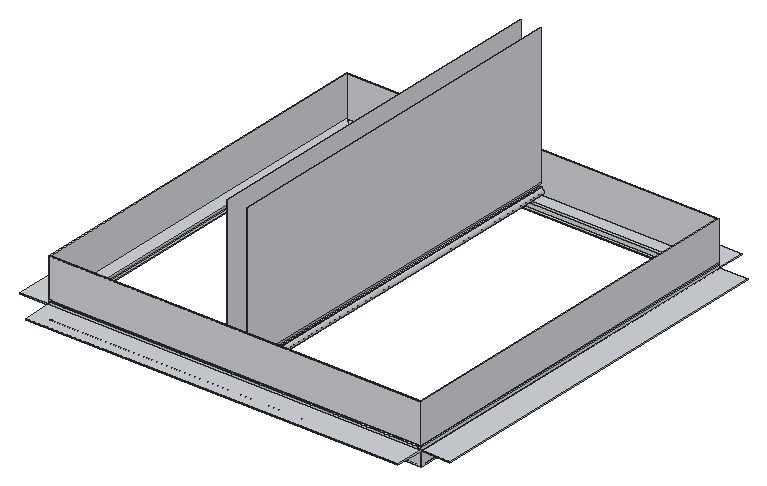
Revit family "C-SR-WTP, C-SR-WTPS", category Mechanical Equipment, Revit 2015
Parameters
  URL = "http://unitedenertech.com/catalog/pdf/P_93f%20C-SR-WTP(S).pdf"
  Type Comments = "Max. Size is (22\"w x 20\"l for Butterfly Style) (9\"w x 18\"l for Single Blade Style)"
  Track Length [instance] = Exact Length - 0' 0 3/16"  # 1' - 3 13/16"
  Model = "C-SR-WTP, C-SR-WTPS"
  Manufacturer = "United Enertech Corporation"
  Keynote = "Buttefly Style (C-SR-WTP) Shown, Consult Factory for Single Blade Style Model (C-SR-WTPS)"
  Exact Width = 1' - 4"
  Exact Length = 1' - 4"
  Description = "Ceiling Radiation Damper for Wood Truss Systems (Field Supplied Plenum)"
  Blade Height [instance] = Exact Width / 2 - 0' 0 3/4"  # 0' - 7 1/4"
Reference planes (in)
  plane 1 "Center (Front/Back)": y = 0
  plane 2: z = 0
  plane 3 "Center (Left/Right)": x = 0
  plane 4: x = -8
  plane 5: x = 8
  plane 6: y = -8
  plane 7: y = 8
  plane 8: z = 7.25
  plane 9: z = 0.82115
  plane 10: y = -7.875
  plane 11: y = 7.875
Forms (in)
  Extrusion 1, solid
    sketch origin (-3.22557, 0, -2.40103) x (1, 0, 0) y (0, 0, 1)
      loop
        line (3.67769, 3.31415) -> (3.67769, 3.45261) -> (3.64253, 3.45261) -> (3.64253, 3.31415)
        arc (3.64253, 3.31415) -> (3.63351, 3.28115) -> (3.60896, 3.25734) r 0.06484
        line (3.60896, 3.25734) -> (3.49684, 3.25734)
        arc (3.49684, 3.25734) -> (3.38487, 3.43989) -> (3.54769, 3.57899) r 0.16484
        arc (3.54769, 3.57899) -> (3.64326, 3.61858) -> (3.68285, 3.71415) r 0.13516
        line (3.68285, 3.71415) -> (3.68285, 9.65103) -> (3.64769, 9.65103) -> (3.64769, 3.71415)
        arc (3.64769, 3.71415) -> (3.6184, 3.64343) -> (3.54769, 3.61415) r 0.1
        arc (3.54769, 3.61415) -> (3.34971, 3.4425) -> (3.49156, 3.22218) r 0.2
        line (3.49156, 3.22218) -> (3.61697, 3.22218)
        arc (3.61697, 3.22218) -> (3.66114, 3.25905) -> (3.67769, 3.31415) r 0.1
    from -7.875 to 7.875
  Extrusion 2, solid
    sketch origin (3.22557, 0, -2.40103) x (-1, 0, 0) y (0, 0, -1)
      loop
        arc (3.67769, -3.31415) -> (3.66114, -3.25905) -> (3.61697, -3.22218) r 0.1
        line (3.61697, -3.22218) -> (3.49156, -3.22218)
        arc (3.49156, -3.22218) -> (3.34971, -3.4425) -> (3.54769, -3.61415) r 0.2
        arc (3.54769, -3.61415) -> (3.6184, -3.64343) -> (3.64769, -3.71415) r 0.1
        line (3.64769, -3.71415) -> (3.64769, -9.65103) -> (3.68285, -9.65103) -> (3.68285, -3.71415)
        arc (3.68285, -3.71415) -> (3.64326, -3.61858) -> (3.54769, -3.57899) r 0.13516
        arc (3.54769, -3.57899) -> (3.38487, -3.43989) -> (3.49684, -3.25734) r 0.16484
        line (3.49684, -3.25734) -> (3.60896, -3.25734)
        arc (3.60896, -3.25734) -> (3.63351, -3.28115) -> (3.64253, -3.31415) r 0.06484
        line (3.64253, -3.31415) -> (3.64253, -3.45261) -> (3.67769, -3.45261) -> (3.67769, -3.31415)
    from -7.875 to 7.875
  Extrusion 3, solid
    sketch origin (5.75, 0, 0) x (1, 0, 0) y (0, 0, 1)
      loop
        line (-13.75, 0) -> (-13.75, 0.625) -> (-15, 0.625) -> (-15, 0.5891) -> (-13.7859, 0.5891) -> (-13.7859, 0) -> (-13.75, 0)
    from -8 to 8
  Extrusion 4, solid
    sketch origin (-9.75, 0, 0) x (-1, 0, 0) y (0, 0, -1)
      loop
        line (-17.75, 0) -> (-17.7859, 0) -> (-17.7859, -0.5891) -> (-19, -0.5891) -> (-19, -0.625) -> (-17.75, -0.625) -> (-17.75, 0)
    from -8 to 8
  Extrusion 5, solid
    sketch origin (0, -6.09489, 0) x (0, 1, 0) y (0, 0, 1)
      loop
        line (14.09489, 0) -> (14.13079, 0) -> (14.13079, 0.5891) -> (15.34489, 0.5891) -> (15.34489, 0.625) -> (14.09489, 0.625) -> (14.09489, 0)
    from -8 to 8
  Extrusion 6, solid
    sketch origin (0, 6.09489, 0) x (0, -1, 0) y (0, 0, -1)
      loop
        line (14.09489, 0) -> (14.09489, -0.625) -> (15.34489, -0.625) -> (15.34489, -0.5891) -> (14.13079, -0.5891) -> (14.13079, 0) -> (14.09489, 0)
    from -8 to 8
Dimensions and locks (in)
  equal spacing: plane 4, plane 3 "Center (Left/Right)", plane 5
  "Exact Width": plane 4 to plane 5
  equal spacing: plane 7, plane 1 "Center (Front/Back)", plane 6
  "Exact Length": plane 7 to plane 6
  "Blade Height": plane 8 to level
  locked: plane 9 to level at 0.82115
  locked: plane 10 to plane 6 at 0.125
  locked: plane 11 to plane 7 at 0.125
  aligned and locked: level to plane 2
  aligned and locked: plane 3 "Center (Left/Right)" to nested 1
  aligned and locked: plane 7 to nested 1
  aligned and locked: plane 6 to nested 2
  aligned and locked: plane 1 "Center (Front/Back)" to nested 3
  aligned and locked: nested 4 to plane 4
  aligned and locked: plane 5 to nested 3
  aligned and locked: plane 1 "Center (Front/Back)" to nested 5
  aligned and locked: Extrusion 1 sketch curve to plane 9
  aligned and locked: Extrusion 1 sketch curve to plane 8
  aligned and locked: Extrusion 1 to plane 10
  aligned and locked: Extrusion 1 to plane 11
  aligned and locked: Extrusion 2 to plane 11
  aligned and locked: Extrusion 2 to plane 10
  aligned and locked: Extrusion 4 to plane 5
  aligned and locked: plane 7 to Extrusion 4
  aligned and locked: plane 7 to Extrusion 3
  aligned and locked: Extrusion 4 to plane 6
  aligned and locked: Extrusion 3 to plane 6
  aligned and locked: plane 6 to Extrusion 6
  aligned and locked: plane 4 to Extrusion 6
  aligned and locked: plane 4 to Extrusion 5
  aligned and locked: plane 5 to Extrusion 5
  aligned and locked: plane 5 to Extrusion 6
Automatic sketch dimensions
  Extrusion 1 sketch curve to Extrusion 1 sketch curve = 0' - 0"  (x6)
  plane 3 "Center (Left/Right)" to Extrusion 1 sketch curve = 0' - 0.26599"
  Extrusion 1 sketch curve to Extrusion 1 sketch curve = 0' - 0.00528"
  Extrusion 1 sketch curve to Extrusion 1 sketch curve = 0' - 0.05085"
  Extrusion 1 sketch curve to Extrusion 1 sketch curve = 0' - 0.08085"
  plane 9 to Extrusion 1 sketch curve = 0' - 0 9/256"
  Extrusion 1 sketch curve to Extrusion 1 sketch curve = 0' - 0.03127"
  Extrusion 1 sketch curve to Extrusion 1 sketch curve = 0' - 0.00801"
  Extrusion 1 sketch curve to Extrusion 1 sketch curve = 0' - 0.09484"
  plane 3 "Center (Left/Right)" to Extrusion 1 sketch curve = 0' - 0.42212"
  Extrusion 1 sketch curve to Extrusion 1 sketch curve = 0' - 0 9/256"
  Extrusion 1 sketch curve to Extrusion 1 sketch curve = 0' - 0.1"  (x2)
  Extrusion 1 sketch curve to Extrusion 1 sketch curve = 0' - 0.03847"
  Extrusion 2 sketch curve to Extrusion 2 sketch curve = 0' - 0"  (x6)
  Extrusion 2 sketch curve to plane 9 = 0' - 0"
  Extrusion 2 sketch curve to plane 8 = 0' - 0"
  plane 3 "Center (Left/Right)" to Extrusion 2 sketch curve = 0' - 0.26599"
  Extrusion 2 sketch curve to Extrusion 2 sketch curve = 0' - 0.00528"
  Extrusion 2 sketch curve to Extrusion 2 sketch curve = 0' - 0.05085"
  Extrusion 2 sketch curve to Extrusion 2 sketch curve = 0' - 0.08085"
  Extrusion 2 sketch curve to plane 9 = 0' - 0 9/256"
  Extrusion 2 sketch curve to Extrusion 2 sketch curve = 0' - 0.03127"
  Extrusion 2 sketch curve to Extrusion 2 sketch curve = 0' - 0.00801"
  Extrusion 2 sketch curve to Extrusion 2 sketch curve = 0' - 0.09484"
  plane 3 "Center (Left/Right)" to Extrusion 2 sketch curve = 0' - 0.42212"
  Extrusion 2 sketch curve to Extrusion 2 sketch curve = 0' - 0 9/256"
  Extrusion 2 sketch curve to Extrusion 2 sketch curve = 0' - 0.1"  (x2)
  Extrusion 2 sketch curve to Extrusion 2 sketch curve = 0' - 0.03847"
  Extrusion 3 sketch curve to level = 0' - 0"
  plane 4 to Extrusion 3 sketch curve = 0' - 0"
  plane 4 to Extrusion 3 sketch curve = 0' - 0.0359"
  Extrusion 3 sketch curve to plane 9 = 0' - 0.19615"
  Extrusion 3 sketch curve to Extrusion 3 sketch curve = 0' - 1.2141"
  Extrusion 3 sketch curve to Extrusion 3 sketch curve = 0' - 0.0359"
  Extrusion 4 sketch curve to level = 0' - 0"
  Extrusion 4 sketch curve to plane 5 = 0' - 0"
  Extrusion 4 sketch curve to plane 5 = 0' - 0.0359"
  plane 9 to Extrusion 4 sketch curve = 0' - 0.19615"
  Extrusion 4 sketch curve to Extrusion 4 sketch curve = 0' - 1.2141"
  Extrusion 4 sketch curve to Extrusion 4 sketch curve = 0' - 0.0359"
  Extrusion 5 sketch curve to level = 0' - 0"
  Extrusion 5 sketch curve to plane 9 = 0' - 0.19615"
  plane 7 to Extrusion 5 sketch curve = 0' - 0"
  Extrusion 5 sketch curve to Extrusion 5 sketch curve = 0' - 0.0359"  (x2)
  Extrusion 5 sketch curve to Extrusion 5 sketch curve = 0' - 1.2141"
  Extrusion 6 sketch curve to level = 0' - 0"
  plane 9 to Extrusion 6 sketch curve = 0' - 0.19615"
  plane 7 to Extrusion 6 sketch curve = 1' - 4"
  Extrusion 6 sketch curve to Extrusion 6 sketch curve = 0' - 0.0359"  (x2)
  Extrusion 6 sketch curve to Extrusion 6 sketch curve = 0' - 1.2141"
Nested families (in)
  nested 1: "C-SR FRAME 1" at (0, 5.96484, -0.25013), type "C-SR FRAME 1"
    with Frame Length 1' - 4"
  nested 2: "C-SR FRAME 1" at (0, -5.96484, -0.25013), type "C-SR FRAME 1"
    with Frame Length 1' - 4"
  nested 3: "C-SR FRAME" at (5.96484, 0, -0.25013) x (0, -1, 0) z (0, 0, 1), type "C-SR FRAME"
    with Frame Length 1' - 4"
  nested 4: "C-SR FRAME" at (-5.96484, 0, -0.24845) x (0, -1, 0) z (0, 0, 1), type "C-SR FRAME"
    with Frame Length 1' - 4"
  nested 5: "CRD Track" at (1.0397, 0, 0.79202) x (0, -1, 0) z (0, 0, 1), type "CRD Track"
    with Track Length 1' - 3 13/16"
Definition of nested family "C-SR FRAME 1"
  Parameters (values of type "C-SR FRAME 1")
    Frame Length = 2' - 0"
  Reference planes (in)
    plane 1 "Center (Front/Back)": y = 0
    plane 2: z = 0
    plane 3 "Center (Left/Right)": x = 0
    plane 4: x = -12
    plane 5: x = 12
  Forms (in)
    Extrusion 1, solid
      sketch origin (0, 3.63966, -0.3957) x (0, 1, 0) y (0, 0, 1)
        loop
          line (-1.6045, 1.44089) -> (-1.6045, 3.1457) -> (-1.63966, 3.1457) -> (-1.63966, 1.43053) -> (-2.19698, 1.43786)
          arc (-2.19698, 1.43786) -> (-2.23913, 1.3957) -> (-2.19698, 1.35355) r 0.04215
          line (-2.19698, 1.35355) -> (-1.63966, 1.36048) -> (-1.63966, 0.75024) -> (-1.66408, 0.77073) -> (-1.67798, 0.6889)
          arc (-1.67798, 0.6889) -> (-1.64461, 0.64584) -> (-1.6045, 0.6827) r 0.037
          line (-1.6045, 0.6827) -> (-1.6045, 1.35051)
          arc (-1.6045, 1.35051) -> (-1.61782, 1.38247) -> (-1.64988, 1.39551) r 0.045
          arc (-1.64988, 1.39551) -> (-1.61779, 1.4088) -> (-1.6045, 1.44089) r 0.04538
      from -12 to 12
    Extrusion 2, void
      sketch origin (0, 0, 0) x (1, 0, 0) y (0, 1, 0)
        loop
          line (-12, 2.03516) -> (-12, 0) -> (-9.96484, 0) -> (-12, 2.03516)
      from 0 to 12
    Extrusion 3, void
      sketch origin (0, 0, 0) x (-1, 0, 0) y (0, -1, 0)
        loop
          line (-12, -2.03516) -> (-9.96484, 0) -> (-12, 0) -> (-12, -2.03516)
      from 0 to 12
  Cuts and joins
    Extrusion 2, Extrusion 3 cuts Extrusion 1
  Dimensions and locks (in)
    equal spacing: plane 4, plane 3 "Center (Left/Right)", plane 5
    "Frame Length": plane 4 to plane 5
    aligned and locked: level to plane 2
    aligned and locked: plane 4 to Extrusion 1
    aligned and locked: plane 5 to Extrusion 1
  Automatic sketch dimensions
    Extrusion 1 sketch curve to plane 1 "Center (Front/Back)" = 0' - 1.44268"
    level to Extrusion 1 sketch curve = 0' - 0.2932"
    Extrusion 1 sketch curve to Extrusion 1 sketch curve = 0' - 0.519"
    level to Extrusion 1 sketch curve = 0' - 0.37502"
    Extrusion 1 sketch curve to Extrusion 1 sketch curve = 0' - 0.0139"
    Extrusion 1 sketch curve to Extrusion 1 sketch curve = 0' - 0.54709"
    Extrusion 1 sketch curve to Extrusion 1 sketch curve = 0' - 0.00038"
    Extrusion 1 sketch curve to Extrusion 1 sketch curve = 0' - 0.03648"
    Extrusion 1 sketch curve to Extrusion 1 sketch curve = 0' - 0.01023"
    level to Extrusion 1 sketch curve = 0' - 0.96478"
    Extrusion 1 sketch curve to Extrusion 1 sketch curve = 0' - 0.00984"
    Extrusion 1 sketch curve to Extrusion 1 sketch curve = 0' - 0 9/256"
    Extrusion 1 sketch curve to Extrusion 1 sketch curve = 0' - 0.037"
    Extrusion 1 sketch curve to Extrusion 1 sketch curve = 0' - 0.02049"
    Extrusion 1 sketch curve to Extrusion 1 sketch curve = 0' - 0.00997"
    Extrusion 1 sketch curve to Extrusion 1 sketch curve = 0' - 0.00304"
    Extrusion 1 sketch curve to Extrusion 1 sketch curve = 0' - 0.04215"
    Extrusion 1 sketch curve to Extrusion 1 sketch curve = 0' - 0.01036"
    Extrusion 1 sketch curve to Extrusion 1 sketch curve = 0' - 1.70481"
    plane 1 "Center (Front/Back)" to Extrusion 2 sketch curve = 0' - 0"
    Extrusion 2 sketch curve to plane 4 = 0' - 0"
    Extrusion 2 sketch curve to plane 4 = 0' - 2 9/256"
    Extrusion 2 sketch curve to Extrusion 2 sketch curve = 0' - 2 9/256"
    plane 1 "Center (Front/Back)" to Extrusion 3 sketch curve = 0' - 0"
    Extrusion 3 sketch curve to plane 5 = 0' - 0"
    Extrusion 3 sketch curve to Extrusion 3 sketch curve = 0' - 2 9/256"  (x2)
Definition of nested family "C-SR FRAME"
  Parameters (values of type "C-SR FRAME")
    Frame Length = 2' - 0"
  Reference planes (in)
    plane 1 "Center (Front/Back)": y = 0
    plane 2: z = 0
    plane 3 "Center (Left/Right)": x = 0
    plane 4: x = -12
    plane 5: x = 12
  Forms (in)
    Extrusion 1, solid
      sketch origin (0, 3.63966, -0.3957) x (0, 1, 0) y (0, 0, 1)
        loop
          line (-1.6045, 1.44089) -> (-1.6045, 3.1457) -> (-1.63966, 3.1457) -> (-1.63966, 1.43053) -> (-2.19698, 1.43786)
          arc (-2.19698, 1.43786) -> (-2.23913, 1.3957) -> (-2.19698, 1.35355) r 0.04215
          line (-2.19698, 1.35355) -> (-1.63966, 1.36048) -> (-1.63966, 0.75024) -> (-1.66408, 0.77073) -> (-1.67798, 0.6889)
          arc (-1.67798, 0.6889) -> (-1.64461, 0.64584) -> (-1.6045, 0.6827) r 0.037
          line (-1.6045, 0.6827) -> (-1.6045, 1.35051)
          arc (-1.6045, 1.35051) -> (-1.61782, 1.38247) -> (-1.64988, 1.39551) r 0.045
          arc (-1.64988, 1.39551) -> (-1.61779, 1.4088) -> (-1.6045, 1.44089) r 0.04538
      from -12 to 12
    Extrusion 2, void
      sketch origin (0, 0, 0) x (1, 0, 0) y (0, 1, 0)
        loop
          line (-12, 2.03516) -> (-12, 0) -> (-9.96484, 0) -> (-12, 2.03516)
      from 0 to 12
    Extrusion 3, void
      sketch origin (0, 0, 0) x (-1, 0, 0) y (0, -1, 0)
        loop
          line (-12, -2.03516) -> (-9.96484, 0) -> (-12, 0) -> (-12, -2.03516)
      from 0 to 12
  Cuts and joins
    Extrusion 2, Extrusion 3 cuts Extrusion 1
  Dimensions and locks (in)
    equal spacing: plane 4, plane 3 "Center (Left/Right)", plane 5
    "Frame Length": plane 4 to plane 5
    aligned and locked: level to plane 2
    aligned and locked: plane 4 to Extrusion 1
    aligned and locked: plane 5 to Extrusion 1
  Automatic sketch dimensions
    Extrusion 1 sketch curve to plane 1 "Center (Front/Back)" = 0' - 1.44268"
    level to Extrusion 1 sketch curve = 0' - 0.2932"
    Extrusion 1 sketch curve to Extrusion 1 sketch curve = 0' - 0.519"
    level to Extrusion 1 sketch curve = 0' - 0.37502"
    Extrusion 1 sketch curve to Extrusion 1 sketch curve = 0' - 0.0139"
    Extrusion 1 sketch curve to Extrusion 1 sketch curve = 0' - 0.54709"
    Extrusion 1 sketch curve to Extrusion 1 sketch curve = 0' - 0.00038"
    Extrusion 1 sketch curve to Extrusion 1 sketch curve = 0' - 0.03648"
    Extrusion 1 sketch curve to Extrusion 1 sketch curve = 0' - 0.01023"
    level to Extrusion 1 sketch curve = 0' - 0.96478"
    Extrusion 1 sketch curve to Extrusion 1 sketch curve = 0' - 0.00984"
    Extrusion 1 sketch curve to Extrusion 1 sketch curve = 0' - 0 9/256"
    Extrusion 1 sketch curve to Extrusion 1 sketch curve = 0' - 0.037"
    Extrusion 1 sketch curve to Extrusion 1 sketch curve = 0' - 0.02049"
    Extrusion 1 sketch curve to Extrusion 1 sketch curve = 0' - 0.00997"
    Extrusion 1 sketch curve to Extrusion 1 sketch curve = 0' - 0.00304"
    Extrusion 1 sketch curve to Extrusion 1 sketch curve = 0' - 0.04215"
    Extrusion 1 sketch curve to Extrusion 1 sketch curve = 0' - 0.01036"
    Extrusion 1 sketch curve to Extrusion 1 sketch curve = 0' - 1.70481"
    plane 1 "Center (Front/Back)" to Extrusion 2 sketch curve = 0' - 0"
    Extrusion 2 sketch curve to plane 4 = 0' - 0"
    Extrusion 2 sketch curve to plane 4 = 0' - 2 9/256"
    Extrusion 2 sketch curve to Extrusion 2 sketch curve = 0' - 2 9/256"
    plane 1 "Center (Front/Back)" to Extrusion 3 sketch curve = 0' - 0"
    Extrusion 3 sketch curve to plane 5 = 0' - 0"
    Extrusion 3 sketch curve to Extrusion 3 sketch curve = 0' - 2 9/256"  (x2)
Definition of nested family "CRD Track"
  Parameters (values of type "CRD Track")
    Track Length = 0' - 11 1/2"
  Reference planes (in)
    plane 1 "Center (Front/Back)": y = 0
    plane 2: z = 0
    plane 3 "Center (Left/Right)": x = 0
    plane 4: x = -5.75
    plane 5: x = 5.75
    plane 6: x = -5.7859
    plane 7: x = 5.7859
    plane 8: z = 0.5
    plane 9: y = -0.7897
    plane 10: y = -1.2897
    plane 11: x = 5.25
    plane 12: x = -5.25
  Forms (in)
    Extrusion 1, solid
      sketch origin (0, 2.51089, -1.29923) x (0, 1, 0) y (0, 0, 1)
        loop
          arc (-3.55059, 1.29923) -> (-3.30873, 1.30598) -> (-3.06763, 1.32622) r 4.33445
          arc (-3.06763, 1.32622) -> (-3.03891, 1.3374) -> (-3.01954, 1.36136) r 0.06
          arc (-3.01954, 1.36136) -> (-3.0102, 1.49991) -> (-3.09301, 1.61139) r 0.2008
          arc (-3.09301, 1.61139) -> (-3.14853, 1.61336) -> (-3.18187, 1.56892) r 0.06
          line (-3.18187, 1.56892) -> (-3.20309, 1.43923) -> (-3.16839, 1.43355) -> (-3.14717, 1.56324)
          arc (-3.14717, 1.56324) -> (-3.13377, 1.58144) -> (-3.11117, 1.58126) r 0.02484
          arc (-3.11117, 1.58126) -> (-3.04188, 1.48234) -> (-3.05816, 1.36268) r 0.16564
          arc (-3.05816, 1.36268) -> (-3.30397, 1.34146) -> (-3.55059, 1.33438) r 4.2993
          arc (-3.55059, 1.33438) -> (-3.79721, 1.34146) -> (-4.04302, 1.36268) r 4.2993
          arc (-4.04302, 1.36268) -> (-4.0593, 1.48234) -> (-3.99001, 1.58126) r 0.16564
          arc (-3.99001, 1.58126) -> (-3.9674, 1.58144) -> (-3.95401, 1.56324) r 0.02484
          line (-3.95401, 1.56324) -> (-3.93278, 1.43355) -> (-3.89809, 1.43923) -> (-3.91931, 1.56892)
          arc (-3.91931, 1.56892) -> (-3.95265, 1.61336) -> (-4.00817, 1.61139) r 0.06
          arc (-4.00817, 1.61139) -> (-4.09098, 1.49991) -> (-4.08164, 1.36136) r 0.2008
          arc (-4.08164, 1.36136) -> (-4.06226, 1.3374) -> (-4.03355, 1.32622) r 0.06
          arc (-4.03355, 1.32622) -> (-3.79245, 1.30598) -> (-3.55059, 1.29923) r 4.33445
      from -5.75 to 5.75
    Extrusion 2, solid
      sketch origin (2.39415, 1.36935, 0) x (1, 0, 0) y (0, 1, 0)
        loop
          line (-8.18005, -2.65905) -> (-8.14415, -2.65905) -> (-8.14415, -2.15905) -> (-8.18005, -2.15905) -> (-8.18005, -2.65905)
      from 0 to 0.5
    Extrusion 3, solid
      sketch origin (-2.39415, 1.36935, 0) x (-1, 0, 0) y (0, -1, 0)
        loop
          line (-8.18005, 2.65905) -> (-8.18005, 2.15905) -> (-8.14415, 2.15905) -> (-8.14415, 2.65905) -> (-8.18005, 2.65905)
      from 0 to 0.5
    Extrusion 4, solid
      sketch origin (0, 0, 0) x (0, 1, 0) y (0, 0, 1)
        loop
          line (-0.7897, 0.5) -> (-1.2897, 0.5) -> (-1.2897, 0.4641) -> (-0.7897, 0.4641) -> (-0.7897, 0.5)
      from 5.25 to 5.75
    Extrusion 5, solid
      sketch origin (0, 0, 0) x (0, 1, 0) y (0, 0, -1)
        loop
          line (-0.7897, -0.5) -> (-0.7897, -0.4641) -> (-1.2897, -0.4641) -> (-1.2897, -0.5) -> (-0.7897, -0.5)
      from 5.25 to 5.75
  Dimensions and locks (in)
    equal spacing: plane 4, plane 3 "Center (Left/Right)", plane 5
    "Track Length": plane 4 to plane 5
    locked: plane 5 to plane 7 at 0.0359
    locked: plane 6 to plane 4 at 0.0359
    locked: plane 8 to level at 0.5
    locked: plane 11 to plane 5 at 0.5
    locked: plane 4 to plane 12 at 0.5
    aligned and locked: level to plane 2
    aligned and locked: plane 4 to Extrusion 1
    aligned and locked: plane 5 to Extrusion 1
    aligned and locked: Extrusion 2 to plane 4
    aligned and locked: Extrusion 3 to plane 5
    aligned and locked: plane 8 to Extrusion 2
    aligned and locked: plane 8 to Extrusion 3
    aligned and locked: plane 11 to Extrusion 4
    aligned and locked: plane 5 to Extrusion 4
    aligned and locked: plane 12 to Extrusion 5
    aligned and locked: plane 4 to Extrusion 5
  Automatic sketch dimensions
    Extrusion 1 sketch curve to Extrusion 1 sketch curve = 0' - 0"  (x23)
    Extrusion 1 sketch curve to level = 0' - 0"
    level to Extrusion 1 sketch curve = 0' - 0.08662"  (x2)
    Extrusion 1 sketch curve to plane 10 = 0' - 0.22627"
    Extrusion 1 sketch curve to plane 10 = 0' - 0.17794"
    Extrusion 1 sketch curve to Extrusion 1 sketch curve = 0' - 0.02452"  (x2)
    Extrusion 1 sketch curve to Extrusion 1 sketch curve = 0' - 0.09408"  (x2)
    Extrusion 1 sketch curve to Extrusion 1 sketch curve = 0' - 0.03469"  (x3)
    Extrusion 1 sketch curve to Extrusion 1 sketch curve = 0' - 0.03446"
    Extrusion 1 sketch curve to Extrusion 1 sketch curve = 0' - 0.00023"  (x2)
    Extrusion 1 sketch curve to plane 9 = 0' - 0 1/4"
    plane 9 to Extrusion 1 sketch curve = 0' - 0.0975"
    plane 9 to Extrusion 1 sketch curve = 0' - 0.11872"
    Extrusion 1 sketch curve to Extrusion 1 sketch curve = 0' - 0.04771"  (x2)
    Extrusion 1 sketch curve to Extrusion 1 sketch curve = 0' - 0.00568"  (x2)
    Extrusion 1 sketch curve to Extrusion 1 sketch curve = 0' - 0.00408"  (x2)
    Extrusion 1 sketch curve to Extrusion 1 sketch curve = 0' - 0.00401"  (x2)
    plane 8 to Extrusion 1 sketch curve = 0' - 3.83445"
    Extrusion 1 sketch curve to Extrusion 1 sketch curve = 0' - 0.01616"
    Extrusion 1 sketch curve to Extrusion 1 sketch curve = 0' - 0.01148"  (x2)
    Extrusion 1 sketch curve to Extrusion 1 sketch curve = 0' - 0.01817"
    Extrusion 2 sketch curve to plane 6 = 0' - 0"
    Extrusion 2 sketch curve to plane 4 = 0' - 0"
    Extrusion 2 sketch curve to plane 10 = 0' - 0"
    Extrusion 2 sketch curve to plane 9 = 0' - 0"
    Extrusion 3 sketch curve to plane 7 = 0' - 0"
    Extrusion 3 sketch curve to plane 5 = 0' - 0"
    Extrusion 3 sketch curve to plane 10 = 0' - 0"
    Extrusion 3 sketch curve to plane 9 = 0' - 0"
    Extrusion 4 sketch curve to plane 8 = 0' - 0"
    Extrusion 4 sketch curve to plane 10 = 0' - 0"
    Extrusion 4 sketch curve to plane 9 = 0' - 0"
    Extrusion 4 sketch curve to Extrusion 4 sketch curve = 0' - 0.0359"
    Extrusion 5 sketch curve to plane 8 = 0' - 0"
    Extrusion 5 sketch curve to plane 10 = 0' - 0"
    Extrusion 5 sketch curve to plane 9 = 0' - 0"
    Extrusion 5 sketch curve to Extrusion 5 sketch curve = 0' - 0.0359"
